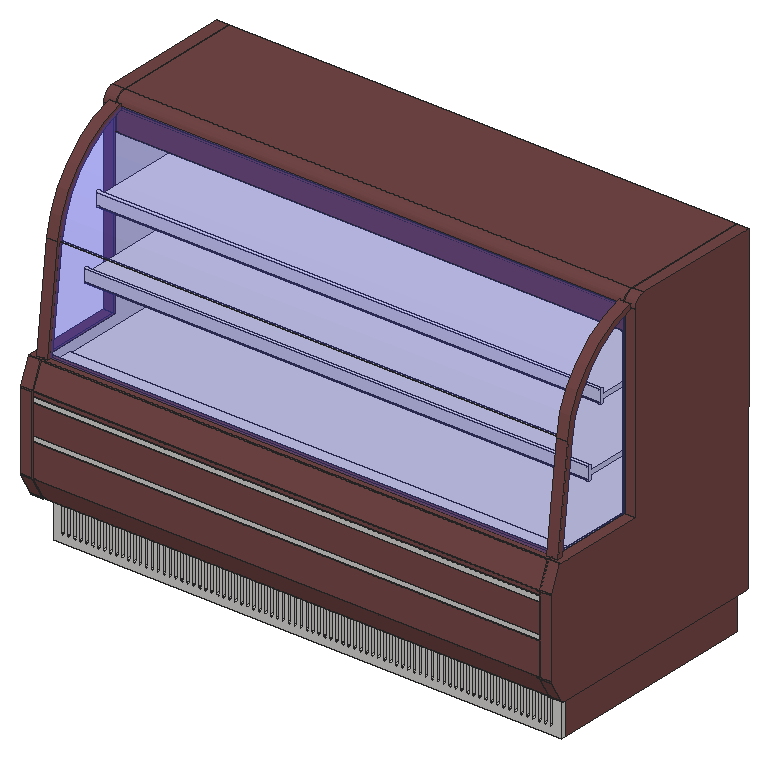
Revit family "QF_Turbo Air_TCGB-72-DR", category Specialty Equipment, Revit 2014
Parameters
  Weight in Pounds = 639
  Watermarked By = ""
  Volts = 115 V
  Vent Material = QF_Stainless-Polished
  URL Cutsheet = ""
  URL = "www.turboairinc.com"
  Status [instance] = ""
  Specification by User [instance] = ""
  Specification by Manufacturer [instance] = ""
  Serial Number [instance] = ""
  Revision Code [instance] = ""
  Phase = 1
  Number of Poles [instance] = 1
  NAFEM Spec ID Number [instance] = ""
  Model = "TCGB-72-DR"
  Masterspec [instance] = ""
  Manufacturer = "Turbo Air"  # constant formula
  Item Number [instance] = "-"
  Installed By [instance] = ""
  Furnished By [instance] = ""
  Foodservice Equipment Identifier = yes
  FL Amps = 0.7 A
  Exterior Material = QF_Plastic-Red Wine
  Electrical Remarks [instance] = ""
  Electric Connection Type [instance] = ""
  Elec Conn RI Height [instance] = 0' - 0"
  Elec Conn Connection Height = 0' - 6"
  Description = "Bakery Case"
  Cycle = 60 Hz
  Conn Plug = "NEMA 5-15P"
  CSI MasterFormat = "11 41 13"
  Assembly Code = "E1090320"
  Apparent Power = if(Phase = 3, Volts * FL Amps * 1.73, Volts * FL Amps)  # 80.5 VA
Reference planes (in)
  plane 1 "Handle Back": y = 0
  plane 2: z = 0
  plane 3 "LEFT": x = -16.56573
  plane 4 "RIGHT": x = 55.93427
  plane 5 "FRONT": y = -34.25
  plane 6 "Bottom": z = 0.3125
  plane 7 "Inside Left": x = -14.94073
  plane 8 "Inside Right": x = 54.30927
  plane 9 "BACK": y = -0.75
  plane 10 "Panel Lower": z = 23.25
  plane 11 "Inside Bottom": z = 21.125
  plane 12 "Panel Bottom": z = 6.0625
  plane 13 "TOP": z = 50.125
  plane 14 "Bottom Front": y = -30
  plane 15 "Door Left": x = -13.62823
  plane 16 "Door Right": x = 52.99677
  plane 17 "Lower Shelf": z = 30.6875
  plane 18 "Upper Shelf": z = 39.1875
  plane 19 "Door Top": z = 46.5625
  plane 20 "Door Bottom": z = 22.3125
  plane 21 "CENTER LR": x = 19.68427
Forms (in)
  Extrusion 1, solid, material "QF_Plastic-Red Wine" <- "Exterior Material"
    sketch origin (-16.56573, 0, 0) x (0, 1, 0) y (0, 0, 1)
      loop
        arc (-1.125, 6.0625) -> (-0.85983, 6.17233) -> (-0.75, 6.4375) r 0.375
        line (-0.75, 6.4375) -> (-0.75, 50.125) -> (-18.5, 50.125)
        arc (-18.5, 50.125) -> (-19.56066, 49.68566) -> (-20, 48.625) r 1.5
        line (-20, 48.625) -> (-20, 23.25) -> (-32.77179, 23.25)
        arc (-32.77179, 23.25) -> (-32.8059, 23.23987) -> (-32.82896, 23.21277) r 0.0625
        line (-32.82896, 23.21277) -> (-34.21799, 20.07001)
        arc (-34.21799, 20.07001) -> (-34.24191, 19.99589) -> (-34.25, 19.91842) r 0.375
        line (-34.25, 19.91842) -> (-34.25, 9.41058)
        arc (-34.25, 9.41058) -> (-34.23722, 9.31352) -> (-34.19976, 9.22308) r 0.375
        line (-34.19976, 9.22308) -> (-32.48325, 6.25)
        arc (-32.48325, 6.25) -> (-32.34599, 6.11274) -> (-32.15849, 6.0625) r 0.375
        line (-32.15849, 6.0625) -> (-1.125, 6.0625)
    from 0 to 1.625
  Extrusion 2, solid, material "QF_Plastic-Red Wine" <- "Exterior Material"
    sketch origin (55.93427, 0, 0) x (0, 1, 0) y (0, 0, 1)
      loop
        arc (-1.125, 6.0625) -> (-0.85983, 6.17233) -> (-0.75, 6.4375) r 0.375
        line (-0.75, 6.4375) -> (-0.75, 50.125) -> (-18.5, 50.125)
        arc (-18.5, 50.125) -> (-19.56066, 49.68566) -> (-20, 48.625) r 1.5
        line (-20, 48.625) -> (-20, 23.25) -> (-32.77179, 23.25)
        arc (-32.77179, 23.25) -> (-32.8059, 23.23987) -> (-32.82896, 23.21277) r 0.0625
        line (-32.82896, 23.21277) -> (-34.21799, 20.07001)
        arc (-34.21799, 20.07001) -> (-34.24191, 19.99589) -> (-34.25, 19.91842) r 0.375
        line (-34.25, 19.91842) -> (-34.25, 9.41058)
        arc (-34.25, 9.41058) -> (-34.23722, 9.31352) -> (-34.19976, 9.22308) r 0.375
        line (-34.19976, 9.22308) -> (-32.48325, 6.25)
        arc (-32.48325, 6.25) -> (-32.34599, 6.11274) -> (-32.15849, 6.0625) r 0.375
        line (-32.15849, 6.0625) -> (-1.125, 6.0625)
    from 0 to -1.625
  Extrusion 3, solid, material "QF_Plastic-Red Wine" <- "Exterior Material"
    sketch origin (-14.94073, 0, 0) x (0, 1, 0) y (0, 0, 1)
      loop
        line (-31.625, 23.25) -> (-29.95691, 36.83548)
        arc (-29.95691, 36.83548) -> (-26.72363, 44.11107) -> (-20, 48.375) r 13.75
        line (-20, 48.375) -> (-20, 48.625)
        arc (-20, 48.625) -> (-19.97988, 48.86988) -> (-19.92004, 49.10819) r 1.5
        arc (-19.92004, 49.10819) -> (-27.15455, 44.66306) -> (-30.63919, 36.92003) r 14.4375
        line (-30.63919, 36.92003) -> (-32.31766, 23.25) -> (-31.625, 23.25)
    from -0.875 to 0.625
  Extrusion 4, solid, material "QF_Plastic-Red Wine" <- "Exterior Material"
    sketch origin (54.30927, 0, 0) x (0, 1, 0) y (0, 0, 1)
      loop
        line (-31.625, 23.25) -> (-29.95691, 36.83548)
        arc (-29.95691, 36.83548) -> (-26.72363, 44.11107) -> (-20, 48.375) r 13.75
        line (-20, 48.375) -> (-20, 48.625)
        arc (-20, 48.625) -> (-19.97988, 48.86988) -> (-19.92004, 49.10819) r 1.5
        arc (-19.92004, 49.10819) -> (-27.15455, 44.66306) -> (-30.63919, 36.92003) r 14.4375
        line (-30.63919, 36.92003) -> (-32.31766, 23.25) -> (-31.625, 23.25)
    from 0.875 to -0.625
  Extrusion 5, solid, material "QF_Glass-Cast-Clear"
    sketch origin (-14.94073, 0, 0) x (0, 1, 0) y (0, 0, 1)
      loop
        arc (-20, 48.375) -> (-26.72363, 44.11107) -> (-29.95691, 36.83548) r 13.75
        line (-29.95691, 36.83548) -> (-31.625, 23.25) -> (-20, 23.25) -> (-20, 48.375)
    from 0 to -0.25
  Extrusion 6, solid, material "QF_Glass-Cast-Clear"
    sketch origin (54.30927, 0, 0) x (0, 1, 0) y (0, 0, 1)
      loop
        arc (-20, 48.375) -> (-26.72363, 44.11107) -> (-29.95691, 36.83548) r 13.75
        line (-29.95691, 36.83548) -> (-31.625, 23.25) -> (-20, 23.25) -> (-20, 48.375)
    from 0 to 0.25
  Extrusion 7, solid, material "QF_Plastic-Red Wine" <- "Exterior Material"
    sketch origin (-14.94073, 0, 0) x (0, 1, 0) y (0, 0, 1)
      loop
        line (-0.75, 50.125) -> (-18.5, 50.125)
        arc (-18.5, 50.125) -> (-19.56066, 49.68566) -> (-20, 48.625) r 1.5
        line (-20, 48.625) -> (-20, 45.5)
        arc (-20, 45.5) -> (-19.9375, 45.4375) -> (-19.875, 45.5) r 0.0625
        line (-19.875, 45.5) -> (-19.875, 48.625)
        arc (-19.875, 48.625) -> (-19.81819, 49.01616) -> (-19.65244, 49.375) r 1.375
        line (-19.65244, 49.375) -> (-3.125, 49.375) -> (-3.125, 46.5625) -> (-0.75, 46.5625) -> (-0.75, 50.125)
      loop
        line (-0.75, 14.3125) -> (-0.75, 22.3125) -> (-3.125, 22.3125) -> (-3.125, 14.3125) -> (-0.75, 14.3125)
    from 0 to 69.25
  Extrusion 8, solid, material "QF_Plastic-Red Wine" <- "Exterior Material"
    sketch origin (0, 0, 0.3125) x (0, 1, 0) y (-1, 0, 0)
      loop
        line (-0.75, 14.94073) -> (-30, 14.94073) -> (-30, -54.30927) -> (-0.75, -54.30927) -> (-0.75, 14.94073)
      loop
        line (-29.75, 14.69073) -> (-29.75, -54.05927) -> (-1, -54.05927) -> (-1, 14.69073) -> (-29.75, 14.69073)
    from 0 to 14
  Extrusion 9, solid, material "QF_Plastic-Red Wine" <- "Exterior Material"
    sketch origin (0, 0, 0.3125) x (0, 1, 0) y (-1, 0, 0)
      loop
        line (-29.75, -54.05927) -> (-1, -54.05927) -> (-1, 14.69073) -> (-29.75, 14.69073) -> (-29.75, -54.05927)
    from 0 to 0.25
  Extrusion 10, solid, material "QF_Stainless-Polished" <- "Vent Material"
    sketch origin (0, -30, 0) x (1, 0, 0) y (0, 0, 1)
      loop
        line (-14.94073, 6.1875) -> (-14.94073, 0.3125) -> (54.30927, 0.3125) -> (54.30927, 6.1875) -> (-14.94073, 6.1875)
    from 0 to 0.5625
  Extrusion 11, void
    sketch origin (0, -30, 0) x (1, 0, 0) y (0, 0, 1)
      loop
        arc (19.49677, 1.5625) -> (19.68427, 1.375) -> (19.87177, 1.5625) r 0.1875
        line (19.87177, 1.5625) -> (19.87177, 5.125)
        arc (19.87177, 5.125) -> (19.68427, 5.3125) -> (19.49677, 5.125) r 0.1875
        line (19.49677, 5.125) -> (19.49677, 1.5625)
      loop
        line (34.49677, 1.5625) -> (34.49677, 5.125)
        arc (34.49677, 5.125) -> (34.30927, 5.3125) -> (34.12177, 5.125) r 0.1875
        line (34.12177, 5.125) -> (34.12177, 1.5625)
        arc (34.12177, 1.5625) -> (34.30927, 1.375) -> (34.49677, 1.5625) r 0.1875
      loop
        line (33.68427, 1.5625) -> (33.68427, 5.125)
        arc (33.68427, 5.125) -> (33.49677, 5.3125) -> (33.30927, 5.125) r 0.1875
        line (33.30927, 5.125) -> (33.30927, 1.5625)
        arc (33.30927, 1.5625) -> (33.49677, 1.375) -> (33.68427, 1.5625) r 0.1875
      loop
        line (32.87177, 1.5625) -> (32.87177, 5.125)
        arc (32.87177, 5.125) -> (32.68427, 5.3125) -> (32.49677, 5.125) r 0.1875
        line (32.49677, 5.125) -> (32.49677, 1.5625)
        arc (32.49677, 1.5625) -> (32.68427, 1.375) -> (32.87177, 1.5625) r 0.1875
      loop
        line (32.05927, 1.5625) -> (32.05927, 5.125)
        arc (32.05927, 5.125) -> (31.87177, 5.3125) -> (31.68427, 5.125) r 0.1875
        line (31.68427, 5.125) -> (31.68427, 1.5625)
        arc (31.68427, 1.5625) -> (31.87177, 1.375) -> (32.05927, 1.5625) r 0.1875
      loop
        line (31.24677, 1.5625) -> (31.24677, 5.125)
        arc (31.24677, 5.125) -> (31.05927, 5.3125) -> (30.87177, 5.125) r 0.1875
        line (30.87177, 5.125) -> (30.87177, 1.5625)
        arc (30.87177, 1.5625) -> (31.05927, 1.375) -> (31.24677, 1.5625) r 0.1875
      loop
        line (30.43427, 1.5625) -> (30.43427, 5.125)
        arc (30.43427, 5.125) -> (30.24677, 5.3125) -> (30.05927, 5.125) r 0.1875
        line (30.05927, 5.125) -> (30.05927, 1.5625)
        arc (30.05927, 1.5625) -> (30.24677, 1.375) -> (30.43427, 1.5625) r 0.1875
      loop
        line (29.62177, 1.5625) -> (29.62177, 5.125)
        arc (29.62177, 5.125) -> (29.43427, 5.3125) -> (29.24677, 5.125) r 0.1875
        line (29.24677, 5.125) -> (29.24677, 1.5625)
        arc (29.24677, 1.5625) -> (29.43427, 1.375) -> (29.62177, 1.5625) r 0.1875
      loop
        line (28.80927, 1.5625) -> (28.80927, 5.125)
        arc (28.80927, 5.125) -> (28.62177, 5.3125) -> (28.43427, 5.125) r 0.1875
        line (28.43427, 5.125) -> (28.43427, 1.5625)
        arc (28.43427, 1.5625) -> (28.62177, 1.375) -> (28.80927, 1.5625) r 0.1875
      loop
        line (27.99677, 1.5625) -> (27.99677, 5.125)
        arc (27.99677, 5.125) -> (27.80927, 5.3125) -> (27.62177, 5.125) r 0.1875
        line (27.62177, 5.125) -> (27.62177, 1.5625)
        arc (27.62177, 1.5625) -> (27.80927, 1.375) -> (27.99677, 1.5625) r 0.1875
      loop
        line (27.18427, 1.5625) -> (27.18427, 5.125)
        arc (27.18427, 5.125) -> (26.99677, 5.3125) -> (26.80927, 5.125) r 0.1875
        line (26.80927, 5.125) -> (26.80927, 1.5625)
        arc (26.80927, 1.5625) -> (26.99677, 1.375) -> (27.18427, 1.5625) r 0.1875
      loop
        line (26.37177, 1.5625) -> (26.37177, 5.125)
        arc (26.37177, 5.125) -> (26.18427, 5.3125) -> (25.99677, 5.125) r 0.1875
        line (25.99677, 5.125) -> (25.99677, 1.5625)
        arc (25.99677, 1.5625) -> (26.18427, 1.375) -> (26.37177, 1.5625) r 0.1875
      loop
        line (25.55927, 1.5625) -> (25.55927, 5.125)
        arc (25.55927, 5.125) -> (25.37177, 5.3125) -> (25.18427, 5.125) r 0.1875
        line (25.18427, 5.125) -> (25.18427, 1.5625)
        arc (25.18427, 1.5625) -> (25.37177, 1.375) -> (25.55927, 1.5625) r 0.1875
      loop
        line (24.74677, 1.5625) -> (24.74677, 5.125)
        arc (24.74677, 5.125) -> (24.55927, 5.3125) -> (24.37177, 5.125) r 0.1875
        line (24.37177, 5.125) -> (24.37177, 1.5625)
        arc (24.37177, 1.5625) -> (24.55927, 1.375) -> (24.74677, 1.5625) r 0.1875
      loop
        line (23.93427, 1.5625) -> (23.93427, 5.125)
        arc (23.93427, 5.125) -> (23.74677, 5.3125) -> (23.55927, 5.125) r 0.1875
        line (23.55927, 5.125) -> (23.55927, 1.5625)
        arc (23.55927, 1.5625) -> (23.74677, 1.375) -> (23.93427, 1.5625) r 0.1875
      loop
        line (23.12177, 1.5625) -> (23.12177, 5.125)
        arc (23.12177, 5.125) -> (22.93427, 5.3125) -> (22.74677, 5.125) r 0.1875
        line (22.74677, 5.125) -> (22.74677, 1.5625)
        arc (22.74677, 1.5625) -> (22.93427, 1.375) -> (23.12177, 1.5625) r 0.1875
      loop
        line (22.30927, 1.5625) -> (22.30927, 5.125)
        arc (22.30927, 5.125) -> (22.12177, 5.3125) -> (21.93427, 5.125) r 0.1875
        line (21.93427, 5.125) -> (21.93427, 1.5625)
        arc (21.93427, 1.5625) -> (22.12177, 1.375) -> (22.30927, 1.5625) r 0.1875
      loop
        line (21.49677, 1.5625) -> (21.49677, 5.125)
        arc (21.49677, 5.125) -> (21.30927, 5.3125) -> (21.12177, 5.125) r 0.1875
        line (21.12177, 5.125) -> (21.12177, 1.5625)
        arc (21.12177, 1.5625) -> (21.30927, 1.375) -> (21.49677, 1.5625) r 0.1875
      loop
        line (20.68427, 1.5625) -> (20.68427, 5.125)
        arc (20.68427, 5.125) -> (20.49677, 5.3125) -> (20.30927, 5.125) r 0.1875
        line (20.30927, 5.125) -> (20.30927, 1.5625)
        arc (20.30927, 1.5625) -> (20.49677, 1.375) -> (20.68427, 1.5625) r 0.1875
      loop
        line (40.18427, 1.5625) -> (40.18427, 5.125)
        arc (40.18427, 5.125) -> (39.99677, 5.3125) -> (39.80927, 5.125) r 0.1875
        line (39.80927, 5.125) -> (39.80927, 1.5625)
        arc (39.80927, 1.5625) -> (39.99677, 1.375) -> (40.18427, 1.5625) r 0.1875
      loop
        line (39.37177, 1.5625) -> (39.37177, 5.125)
        arc (39.37177, 5.125) -> (39.18427, 5.3125) -> (38.99677, 5.125) r 0.1875
        line (38.99677, 5.125) -> (38.99677, 1.5625)
        arc (38.99677, 1.5625) -> (39.18427, 1.375) -> (39.37177, 1.5625) r 0.1875
      loop
        line (38.55927, 1.5625) -> (38.55927, 5.125)
        arc (38.55927, 5.125) -> (38.37177, 5.3125) -> (38.18427, 5.125) r 0.1875
        line (38.18427, 5.125) -> (38.18427, 1.5625)
        arc (38.18427, 1.5625) -> (38.37177, 1.375) -> (38.55927, 1.5625) r 0.1875
      loop
        line (37.74677, 1.5625) -> (37.74677, 5.125)
        arc (37.74677, 5.125) -> (37.55927, 5.3125) -> (37.37177, 5.125) r 0.1875
        line (37.37177, 5.125) -> (37.37177, 1.5625)
        arc (37.37177, 1.5625) -> (37.55927, 1.375) -> (37.74677, 1.5625) r 0.1875
      loop
        line (36.93427, 1.5625) -> (36.93427, 5.125)
        arc (36.93427, 5.125) -> (36.74677, 5.3125) -> (36.55927, 5.125) r 0.1875
        line (36.55927, 5.125) -> (36.55927, 1.5625)
        arc (36.55927, 1.5625) -> (36.74677, 1.375) -> (36.93427, 1.5625) r 0.1875
      loop
        line (36.12177, 1.5625) -> (36.12177, 5.125)
        arc (36.12177, 5.125) -> (35.93427, 5.3125) -> (35.74677, 5.125) r 0.1875
        line (35.74677, 5.125) -> (35.74677, 1.5625)
        arc (35.74677, 1.5625) -> (35.93427, 1.375) -> (36.12177, 1.5625) r 0.1875
      loop
        line (35.30927, 1.5625) -> (35.30927, 5.125)
        arc (35.30927, 5.125) -> (35.12177, 5.3125) -> (34.93427, 5.125) r 0.1875
        line (34.93427, 5.125) -> (34.93427, 1.5625)
        arc (34.93427, 1.5625) -> (35.12177, 1.375) -> (35.30927, 1.5625) r 0.1875
      loop
        line (41.80927, 1.5625) -> (41.80927, 5.125)
        arc (41.80927, 5.125) -> (41.62177, 5.3125) -> (41.43427, 5.125) r 0.1875
        line (41.43427, 5.125) -> (41.43427, 1.5625)
        arc (41.43427, 1.5625) -> (41.62177, 1.375) -> (41.80927, 1.5625) r 0.1875
      loop
        line (40.99677, 1.5625) -> (40.99677, 5.125)
        arc (40.99677, 5.125) -> (40.80927, 5.3125) -> (40.62177, 5.125) r 0.1875
        line (40.62177, 5.125) -> (40.62177, 1.5625)
        arc (40.62177, 1.5625) -> (40.80927, 1.375) -> (40.99677, 1.5625) r 0.1875
      loop
        line (46.68427, 1.5625) -> (46.68427, 5.125)
        arc (46.68427, 5.125) -> (46.49677, 5.3125) -> (46.30927, 5.125) r 0.1875
        line (46.30927, 5.125) -> (46.30927, 1.5625)
        arc (46.30927, 1.5625) -> (46.49677, 1.375) -> (46.68427, 1.5625) r 0.1875
      loop
        line (45.87177, 1.5625) -> (45.87177, 5.125)
        arc (45.87177, 5.125) -> (45.68427, 5.3125) -> (45.49677, 5.125) r 0.1875
        line (45.49677, 5.125) -> (45.49677, 1.5625)
        arc (45.49677, 1.5625) -> (45.68427, 1.375) -> (45.87177, 1.5625) r 0.1875
      loop
        line (45.05927, 1.5625) -> (45.05927, 5.125)
        arc (45.05927, 5.125) -> (44.87177, 5.3125) -> (44.68427, 5.125) r 0.1875
        line (44.68427, 5.125) -> (44.68427, 1.5625)
        arc (44.68427, 1.5625) -> (44.87177, 1.375) -> (45.05927, 1.5625) r 0.1875
      loop
        line (44.24677, 1.5625) -> (44.24677, 5.125)
        arc (44.24677, 5.125) -> (44.05927, 5.3125) -> (43.87177, 5.125) r 0.1875
        line (43.87177, 5.125) -> (43.87177, 1.5625)
        arc (43.87177, 1.5625) -> (44.05927, 1.375) -> (44.24677, 1.5625) r 0.1875
      loop
        line (43.43427, 1.5625) -> (43.43427, 5.125)
        arc (43.43427, 5.125) -> (43.24677, 5.3125) -> (43.05927, 5.125) r 0.1875
        line (43.05927, 5.125) -> (43.05927, 1.5625)
        arc (43.05927, 1.5625) -> (43.24677, 1.375) -> (43.43427, 1.5625) r 0.1875
      loop
        line (42.62177, 1.5625) -> (42.62177, 5.125)
        arc (42.62177, 5.125) -> (42.43427, 5.3125) -> (42.24677, 5.125) r 0.1875
        line (42.24677, 5.125) -> (42.24677, 1.5625)
        arc (42.24677, 1.5625) -> (42.43427, 1.375) -> (42.62177, 1.5625) r 0.1875
      loop
        line (47.49677, 1.5625) -> (47.49677, 5.125)
        arc (47.49677, 5.125) -> (47.30927, 5.3125) -> (47.12177, 5.125) r 0.1875
        line (47.12177, 5.125) -> (47.12177, 1.5625)
        arc (47.12177, 1.5625) -> (47.30927, 1.375) -> (47.49677, 1.5625) r 0.1875
      loop
        line (49.12177, 1.5625) -> (49.12177, 5.125)
        arc (49.12177, 5.125) -> (48.93427, 5.3125) -> (48.74677, 5.125) r 0.1875
        line (48.74677, 5.125) -> (48.74677, 1.5625)
        arc (48.74677, 1.5625) -> (48.93427, 1.375) -> (49.12177, 1.5625) r 0.1875
      loop
        line (48.30927, 1.5625) -> (48.30927, 5.125)
        arc (48.30927, 5.125) -> (48.12177, 5.3125) -> (47.93427, 5.125) r 0.1875
        line (47.93427, 5.125) -> (47.93427, 1.5625)
        arc (47.93427, 1.5625) -> (48.12177, 1.375) -> (48.30927, 1.5625) r 0.1875
      loop
        line (53.18427, 1.5625) -> (53.18427, 5.125)
        arc (53.18427, 5.125) -> (52.99677, 5.3125) -> (52.80927, 5.125) r 0.1875
        line (52.80927, 5.125) -> (52.80927, 1.5625)
        arc (52.80927, 1.5625) -> (52.99677, 1.375) -> (53.18427, 1.5625) r 0.1875
      loop
        line (52.37177, 1.5625) -> (52.37177, 5.125)
        arc (52.37177, 5.125) -> (52.18427, 5.3125) -> (51.99677, 5.125) r 0.1875
        line (51.99677, 5.125) -> (51.99677, 1.5625)
        arc (51.99677, 1.5625) -> (52.18427, 1.375) -> (52.37177, 1.5625) r 0.1875
      loop
        line (51.55927, 1.5625) -> (51.55927, 5.125)
        arc (51.55927, 5.125) -> (51.37177, 5.3125) -> (51.18427, 5.125) r 0.1875
        line (51.18427, 5.125) -> (51.18427, 1.5625)
        arc (51.18427, 1.5625) -> (51.37177, 1.375) -> (51.55927, 1.5625) r 0.1875
      loop
        line (50.74677, 1.5625) -> (50.74677, 5.125)
        arc (50.74677, 5.125) -> (50.55927, 5.3125) -> (50.37177, 5.125) r 0.1875
        line (50.37177, 5.125) -> (50.37177, 1.5625)
        arc (50.37177, 1.5625) -> (50.55927, 1.375) -> (50.74677, 1.5625) r 0.1875
      loop
        line (49.93427, 1.5625) -> (49.93427, 5.125)
        arc (49.93427, 5.125) -> (49.74677, 5.3125) -> (49.55927, 5.125) r 0.1875
        line (49.55927, 5.125) -> (49.55927, 1.5625)
        arc (49.55927, 1.5625) -> (49.74677, 1.375) -> (49.93427, 1.5625) r 0.1875
      loop
        arc (4.87177, 1.5625) -> (5.05927, 1.375) -> (5.24677, 1.5625) r 0.1875
        line (5.24677, 1.5625) -> (5.24677, 5.125)
        arc (5.24677, 5.125) -> (5.05927, 5.3125) -> (4.87177, 5.125) r 0.1875
        line (4.87177, 5.125) -> (4.87177, 1.5625)
      loop
        arc (5.68427, 1.5625) -> (5.87177, 1.375) -> (6.05927, 1.5625) r 0.1875
        line (6.05927, 1.5625) -> (6.05927, 5.125)
        arc (6.05927, 5.125) -> (5.87177, 5.3125) -> (5.68427, 5.125) r 0.1875
        line (5.68427, 5.125) -> (5.68427, 1.5625)
      loop
        arc (6.49677, 1.5625) -> (6.68427, 1.375) -> (6.87177, 1.5625) r 0.1875
        line (6.87177, 1.5625) -> (6.87177, 5.125)
        arc (6.87177, 5.125) -> (6.68427, 5.3125) -> (6.49677, 5.125) r 0.1875
        line (6.49677, 5.125) -> (6.49677, 1.5625)
      loop
        arc (7.30927, 1.5625) -> (7.49677, 1.375) -> (7.68427, 1.5625) r 0.1875
        line (7.68427, 1.5625) -> (7.68427, 5.125)
        arc (7.68427, 5.125) -> (7.49677, 5.3125) -> (7.30927, 5.125) r 0.1875
        line (7.30927, 5.125) -> (7.30927, 1.5625)
      loop
        arc (8.12177, 1.5625) -> (8.30927, 1.375) -> (8.49677, 1.5625) r 0.1875
        line (8.49677, 1.5625) -> (8.49677, 5.125)
        arc (8.49677, 5.125) -> (8.30927, 5.3125) -> (8.12177, 5.125) r 0.1875
        line (8.12177, 5.125) -> (8.12177, 1.5625)
      loop
        arc (8.93427, 1.5625) -> (9.12177, 1.375) -> (9.30927, 1.5625) r 0.1875
        line (9.30927, 1.5625) -> (9.30927, 5.125)
        arc (9.30927, 5.125) -> (9.12177, 5.3125) -> (8.93427, 5.125) r 0.1875
        line (8.93427, 5.125) -> (8.93427, 1.5625)
      loop
        arc (9.74677, 1.5625) -> (9.93427, 1.375) -> (10.12177, 1.5625) r 0.1875
        line (10.12177, 1.5625) -> (10.12177, 5.125)
        arc (10.12177, 5.125) -> (9.93427, 5.3125) -> (9.74677, 5.125) r 0.1875
        line (9.74677, 5.125) -> (9.74677, 1.5625)
      loop
        arc (10.55927, 1.5625) -> (10.74677, 1.375) -> (10.93427, 1.5625) r 0.1875
        line (10.93427, 1.5625) -> (10.93427, 5.125)
        arc (10.93427, 5.125) -> (10.74677, 5.3125) -> (10.55927, 5.125) r 0.1875
        line (10.55927, 5.125) -> (10.55927, 1.5625)
      loop
        arc (11.37177, 1.5625) -> (11.55927, 1.375) -> (11.74677, 1.5625) r 0.1875
        line (11.74677, 1.5625) -> (11.74677, 5.125)
        arc (11.74677, 5.125) -> (11.55927, 5.3125) -> (11.37177, 5.125) r 0.1875
        line (11.37177, 5.125) -> (11.37177, 1.5625)
      loop
        arc (12.18427, 1.5625) -> (12.37177, 1.375) -> (12.55927, 1.5625) r 0.1875
        line (12.55927, 1.5625) -> (12.55927, 5.125)
        arc (12.55927, 5.125) -> (12.37177, 5.3125) -> (12.18427, 5.125) r 0.1875
        line (12.18427, 5.125) -> (12.18427, 1.5625)
      loop
        arc (12.99677, 1.5625) -> (13.18427, 1.375) -> (13.37177, 1.5625) r 0.1875
        line (13.37177, 1.5625) -> (13.37177, 5.125)
        arc (13.37177, 5.125) -> (13.18427, 5.3125) -> (12.99677, 5.125) r 0.1875
        line (12.99677, 5.125) -> (12.99677, 1.5625)
      loop
        arc (13.80927, 1.5625) -> (13.99677, 1.375) -> (14.18427, 1.5625) r 0.1875
        line (14.18427, 1.5625) -> (14.18427, 5.125)
        arc (14.18427, 5.125) -> (13.99677, 5.3125) -> (13.80927, 5.125) r 0.1875
        line (13.80927, 5.125) -> (13.80927, 1.5625)
      loop
        arc (14.62177, 1.5625) -> (14.80927, 1.375) -> (14.99677, 1.5625) r 0.1875
        line (14.99677, 1.5625) -> (14.99677, 5.125)
        arc (14.99677, 5.125) -> (14.80927, 5.3125) -> (14.62177, 5.125) r 0.1875
        line (14.62177, 5.125) -> (14.62177, 1.5625)
      loop
        arc (15.43427, 1.5625) -> (15.62177, 1.375) -> (15.80927, 1.5625) r 0.1875
        line (15.80927, 1.5625) -> (15.80927, 5.125)
        arc (15.80927, 5.125) -> (15.62177, 5.3125) -> (15.43427, 5.125) r 0.1875
        line (15.43427, 5.125) -> (15.43427, 1.5625)
      loop
        arc (16.24677, 1.5625) -> (16.43427, 1.375) -> (16.62177, 1.5625) r 0.1875
        line (16.62177, 1.5625) -> (16.62177, 5.125)
        arc (16.62177, 5.125) -> (16.43427, 5.3125) -> (16.24677, 5.125) r 0.1875
        line (16.24677, 5.125) -> (16.24677, 1.5625)
      loop
        arc (17.05927, 1.5625) -> (17.24677, 1.375) -> (17.43427, 1.5625) r 0.1875
        line (17.43427, 1.5625) -> (17.43427, 5.125)
        arc (17.43427, 5.125) -> (17.24677, 5.3125) -> (17.05927, 5.125) r 0.1875
        line (17.05927, 5.125) -> (17.05927, 1.5625)
      loop
        arc (17.87177, 1.5625) -> (18.05927, 1.375) -> (18.24677, 1.5625) r 0.1875
        line (18.24677, 1.5625) -> (18.24677, 5.125)
        arc (18.24677, 5.125) -> (18.05927, 5.3125) -> (17.87177, 5.125) r 0.1875
        line (17.87177, 5.125) -> (17.87177, 1.5625)
      loop
        arc (18.68427, 1.5625) -> (18.87177, 1.375) -> (19.05927, 1.5625) r 0.1875
        line (19.05927, 1.5625) -> (19.05927, 5.125)
        arc (19.05927, 5.125) -> (18.87177, 5.3125) -> (18.68427, 5.125) r 0.1875
        line (18.68427, 5.125) -> (18.68427, 1.5625)
      loop
        arc (-0.81573, 1.5625) -> (-0.62823, 1.375) -> (-0.44073, 1.5625) r 0.1875
        line (-0.44073, 1.5625) -> (-0.44073, 5.125)
        arc (-0.44073, 5.125) -> (-0.62823, 5.3125) -> (-0.81573, 5.125) r 0.1875
        line (-0.81573, 5.125) -> (-0.81573, 1.5625)
      loop
        arc (-0.00323, 1.5625) -> (0.18427, 1.375) -> (0.37177, 1.5625) r 0.1875
        line (0.37177, 1.5625) -> (0.37177, 5.125)
        arc (0.37177, 5.125) -> (0.18427, 5.3125) -> (-0.00323, 5.125) r 0.1875
        line (-0.00323, 5.125) -> (-0.00323, 1.5625)
      loop
        arc (0.80927, 1.5625) -> (0.99677, 1.375) -> (1.18427, 1.5625) r 0.1875
        line (1.18427, 1.5625) -> (1.18427, 5.125)
        arc (1.18427, 5.125) -> (0.99677, 5.3125) -> (0.80927, 5.125) r 0.1875
        line (0.80927, 5.125) -> (0.80927, 1.5625)
      loop
        arc (1.62177, 1.5625) -> (1.80927, 1.375) -> (1.99677, 1.5625) r 0.1875
        line (1.99677, 1.5625) -> (1.99677, 5.125)
        arc (1.99677, 5.125) -> (1.80927, 5.3125) -> (1.62177, 5.125) r 0.1875
        line (1.62177, 5.125) -> (1.62177, 1.5625)
      loop
        arc (2.43427, 1.5625) -> (2.62177, 1.375) -> (2.80927, 1.5625) r 0.1875
        line (2.80927, 1.5625) -> (2.80927, 5.125)
        arc (2.80927, 5.125) -> (2.62177, 5.3125) -> (2.43427, 5.125) r 0.1875
        line (2.43427, 5.125) -> (2.43427, 1.5625)
      loop
        arc (3.24677, 1.5625) -> (3.43427, 1.375) -> (3.62177, 1.5625) r 0.1875
        line (3.62177, 1.5625) -> (3.62177, 5.125)
        arc (3.62177, 5.125) -> (3.43427, 5.3125) -> (3.24677, 5.125) r 0.1875
        line (3.24677, 5.125) -> (3.24677, 1.5625)
      loop
        arc (4.05927, 1.5625) -> (4.24677, 1.375) -> (4.43427, 1.5625) r 0.1875
        line (4.43427, 1.5625) -> (4.43427, 5.125)
        arc (4.43427, 5.125) -> (4.24677, 5.3125) -> (4.05927, 5.125) r 0.1875
        line (4.05927, 5.125) -> (4.05927, 1.5625)
      loop
        arc (-2.44073, 1.5625) -> (-2.25323, 1.375) -> (-2.06573, 1.5625) r 0.1875
        line (-2.06573, 1.5625) -> (-2.06573, 5.125)
        arc (-2.06573, 5.125) -> (-2.25323, 5.3125) -> (-2.44073, 5.125) r 0.1875
        line (-2.44073, 5.125) -> (-2.44073, 1.5625)
      loop
        arc (-1.62823, 1.5625) -> (-1.44073, 1.375) -> (-1.25323, 1.5625) r 0.1875
        line (-1.25323, 1.5625) -> (-1.25323, 5.125)
        arc (-1.25323, 5.125) -> (-1.44073, 5.3125) -> (-1.62823, 5.125) r 0.1875
        line (-1.62823, 5.125) -> (-1.62823, 1.5625)
      loop
        arc (-7.31573, 1.5625) -> (-7.12823, 1.375) -> (-6.94073, 1.5625) r 0.1875
        line (-6.94073, 1.5625) -> (-6.94073, 5.125)
        arc (-6.94073, 5.125) -> (-7.12823, 5.3125) -> (-7.31573, 5.125) r 0.1875
        line (-7.31573, 5.125) -> (-7.31573, 1.5625)
      loop
        arc (-6.50323, 1.5625) -> (-6.31573, 1.375) -> (-6.12823, 1.5625) r 0.1875
        line (-6.12823, 1.5625) -> (-6.12823, 5.125)
        arc (-6.12823, 5.125) -> (-6.31573, 5.3125) -> (-6.50323, 5.125) r 0.1875
        line (-6.50323, 5.125) -> (-6.50323, 1.5625)
      loop
        arc (-5.69073, 1.5625) -> (-5.50323, 1.375) -> (-5.31573, 1.5625) r 0.1875
        line (-5.31573, 1.5625) -> (-5.31573, 5.125)
        arc (-5.31573, 5.125) -> (-5.50323, 5.3125) -> (-5.69073, 5.125) r 0.1875
        line (-5.69073, 5.125) -> (-5.69073, 1.5625)
      loop
        arc (-4.87823, 1.5625) -> (-4.69073, 1.375) -> (-4.50323, 1.5625) r 0.1875
        line (-4.50323, 1.5625) -> (-4.50323, 5.125)
        arc (-4.50323, 5.125) -> (-4.69073, 5.3125) -> (-4.87823, 5.125) r 0.1875
        line (-4.87823, 5.125) -> (-4.87823, 1.5625)
      loop
        arc (-4.06573, 1.5625) -> (-3.87823, 1.375) -> (-3.69073, 1.5625) r 0.1875
        line (-3.69073, 1.5625) -> (-3.69073, 5.125)
        arc (-3.69073, 5.125) -> (-3.87823, 5.3125) -> (-4.06573, 5.125) r 0.1875
        line (-4.06573, 5.125) -> (-4.06573, 1.5625)
      loop
        arc (-3.25323, 1.5625) -> (-3.06573, 1.375) -> (-2.87823, 1.5625) r 0.1875
        line (-2.87823, 1.5625) -> (-2.87823, 5.125)
        arc (-2.87823, 5.125) -> (-3.06573, 5.3125) -> (-3.25323, 5.125) r 0.1875
        line (-3.25323, 5.125) -> (-3.25323, 1.5625)
      loop
        arc (-8.12823, 1.5625) -> (-7.94073, 1.375) -> (-7.75323, 1.5625) r 0.1875
        line (-7.75323, 1.5625) -> (-7.75323, 5.125)
        arc (-7.75323, 5.125) -> (-7.94073, 5.3125) -> (-8.12823, 5.125) r 0.1875
        line (-8.12823, 5.125) -> (-8.12823, 1.5625)
      loop
        arc (-9.75323, 1.5625) -> (-9.56573, 1.375) -> (-9.37823, 1.5625) r 0.1875
        line (-9.37823, 1.5625) -> (-9.37823, 5.125)
        arc (-9.37823, 5.125) -> (-9.56573, 5.3125) -> (-9.75323, 5.125) r 0.1875
        line (-9.75323, 5.125) -> (-9.75323, 1.5625)
      loop
        arc (-8.94073, 1.5625) -> (-8.75323, 1.375) -> (-8.56573, 1.5625) r 0.1875
        line (-8.56573, 1.5625) -> (-8.56573, 5.125)
        arc (-8.56573, 5.125) -> (-8.75323, 5.3125) -> (-8.94073, 5.125) r 0.1875
        line (-8.94073, 5.125) -> (-8.94073, 1.5625)
      loop
        arc (-13.81573, 1.5625) -> (-13.62823, 1.375) -> (-13.44073, 1.5625) r 0.1875
        line (-13.44073, 1.5625) -> (-13.44073, 5.125)
        arc (-13.44073, 5.125) -> (-13.62823, 5.3125) -> (-13.81573, 5.125) r 0.1875
        line (-13.81573, 5.125) -> (-13.81573, 1.5625)
      loop
        arc (-13.00323, 1.5625) -> (-12.81573, 1.375) -> (-12.62823, 1.5625) r 0.1875
        line (-12.62823, 1.5625) -> (-12.62823, 5.125)
        arc (-12.62823, 5.125) -> (-12.81573, 5.3125) -> (-13.00323, 5.125) r 0.1875
        line (-13.00323, 5.125) -> (-13.00323, 1.5625)
      loop
        arc (-12.19073, 1.5625) -> (-12.00323, 1.375) -> (-11.81573, 1.5625) r 0.1875
        line (-11.81573, 1.5625) -> (-11.81573, 5.125)
        arc (-11.81573, 5.125) -> (-12.00323, 5.3125) -> (-12.19073, 5.125) r 0.1875
        line (-12.19073, 5.125) -> (-12.19073, 1.5625)
      loop
        arc (-11.37823, 1.5625) -> (-11.19073, 1.375) -> (-11.00323, 1.5625) r 0.1875
        line (-11.00323, 1.5625) -> (-11.00323, 5.125)
        arc (-11.00323, 5.125) -> (-11.19073, 5.3125) -> (-11.37823, 5.125) r 0.1875
        line (-11.37823, 5.125) -> (-11.37823, 1.5625)
      loop
        arc (-10.56573, 1.5625) -> (-10.37823, 1.375) -> (-10.19073, 1.5625) r 0.1875
        line (-10.19073, 1.5625) -> (-10.19073, 5.125)
        arc (-10.19073, 5.125) -> (-10.37823, 5.3125) -> (-10.56573, 5.125) r 0.1875
        line (-10.56573, 5.125) -> (-10.56573, 1.5625)
    from -0.25 to 0.5625
  Extrusion 12, solid, material "QF_Plastic-Red Wine" <- "Exterior Material"
    sketch origin (-14.94073, 0, 0) x (0, 1, 0) y (0, 0, 1)
      loop
        line (-0.75, 46.5625) -> (-3.125, 46.5625) -> (-3.125, 22.3125) -> (-0.75, 22.3125) -> (-0.75, 46.5625)
    from 0 to 1.3125
  Extrusion 13, solid, material "QF_Plastic-Red Wine" <- "Exterior Material"
    sketch origin (54.30927, 0, 0) x (0, 1, 0) y (0, 0, 1)
      loop
        line (-0.75, 46.5625) -> (-3.125, 46.5625) -> (-3.125, 22.3125) -> (-0.75, 22.3125) -> (-0.75, 46.5625)
    from 0 to -1.3125
  Extrusion 14, solid, material "QF_Glass-Cast-Clear"
    sketch origin (-14.94073, 0, 0) x (0, 1, 0) y (0, 0, 1)
      loop
        arc (-30.01894, 36.84316) -> (-26.76529, 44.15845) -> (-20, 48.43986) r 13.8125
        line (-20, 48.43986) -> (-20, 48.625)
        arc (-20, 48.625) -> (-19.99639, 48.72898) -> (-19.98558, 48.83246) r 1.5
        arc (-19.98558, 48.83246) -> (-27.01031, 44.44827) -> (-30.39109, 36.88929) r 14.1875
        line (-30.39109, 36.88929) -> (-32.06579, 23.25) -> (-31.68797, 23.25) -> (-30.01894, 36.84316)
    from 0.625 to 68.625
  Extrusion 15, solid, material "QF_Plastic-Red Wine" <- "Exterior Material"
    sketch origin (-14.94073, 0, 0) x (0, 1, 0) y (0, 0, 1)
      loop
        line (-32.77708, 23.17553) -> (-34.17683, 20.00854)
        arc (-34.17683, 20.00854) -> (-34.1848, 19.98383) -> (-34.1875, 19.95801) r 0.125
        line (-34.1875, 19.95801) -> (-34.1875, 19.4219) -> (-33.8125, 19.4219) -> (-33.8125, 19.90522) -> (-32.49992, 22.875) -> (-31.20917, 22.875) -> (-31.20917, 23.25) -> (-32.66275, 23.25)
        arc (-32.66275, 23.25) -> (-32.73097, 23.22974) -> (-32.77708, 23.17553) r 0.125
      loop
        line (-34.17075, 9.29784) -> (-32.41108, 6.25)
        arc (-32.41108, 6.25) -> (-32.36533, 6.20425) -> (-32.30283, 6.1875) r 0.125
        line (-32.30283, 6.1875) -> (-30, 6.1875) -> (-30, 6.5625) -> (-32.15849, 6.5625) -> (-33.8125, 9.42732) -> (-33.8125, 13.8594) -> (-34.1875, 13.8594) -> (-34.1875, 9.36034)
        arc (-34.1875, 9.36034) -> (-34.18324, 9.32798) -> (-34.17075, 9.29784) r 0.125
      loop
        line (-34.1875, 18.6094) -> (-34.1875, 14.6094) -> (-33.8125, 14.6094) -> (-33.8125, 18.6094) -> (-34.1875, 18.6094)
    from 0 to 69.25
  Extrusion 16, solid, material "QF_Stainless-Polished"
    sketch origin (-14.94073, 0, 0) x (0, 1, 0) y (0, 0, 1)
      loop
        line (-34.1875, 19.3594) -> (-34.1875, 18.6719) -> (-33.8125, 18.6719) -> (-33.8125, 19.3594) -> (-34.1875, 19.3594)
      loop
        line (-34.1875, 14.5469) -> (-34.1875, 13.9219) -> (-33.8125, 13.9219) -> (-33.8125, 14.5469) -> (-34.1875, 14.5469)
    from 0 to 69.25
  Extrusion 17, solid, material "QF_Plastic-Opaque-White"
    sketch origin (-14.94073, 0, 0) x (0, 1, 0) y (0, 0, 1)
      loop
        line (-3.125, 21.125) -> (-28.125, 21.125) -> (-28.125, 22.25) -> (-31.20917, 22.25) -> (-31.20917, 22.875) -> (-32.49992, 22.875) -> (-33.8125, 19.90522) -> (-33.8125, 9.42732) -> (-32.15849, 6.5625) -> (-30, 6.5625) -> (-30, 14.3125) -> (-3.125, 14.3125) -> (-3.125, 21.125)
    from 0 to 69.25
  Extrusion 18, solid, material "QF_Plastic-Opaque-White"
    sketch origin (-14.94073, 0, 0) x (0, 1, 0) y (0, 0, 1)
      loop
        line (-3.125, 21.125) -> (-3.125, 49.375) -> (-5.875, 49.375) -> (-5.875, 21.125) -> (-3.125, 21.125)
    from 0 to 1.3125
  Extrusion 19, solid, material "QF_Plastic-Opaque-White"
    sketch origin (54.30927, 0, 0) x (0, 1, 0) y (0, 0, 1)
      loop
        line (-3.125, 21.125) -> (-3.125, 49.375) -> (-5.875, 49.375) -> (-5.875, 21.125) -> (-3.125, 21.125)
    from 0 to -1.3125
  Extrusion 20, solid, material "QF_Plastic-Opaque-White"
    sketch origin (-13.62823, 0, 0) x (0, 1, 0) y (0, 0, 1)
      loop
        line (-5.875, 49.375) -> (-5.875, 46.5625) -> (-3.125, 46.5625) -> (-3.125, 49.375) -> (-5.875, 49.375)
      loop
        line (-5.875, 21.125) -> (-3.125, 21.125) -> (-3.125, 22.3125) -> (-5.875, 22.3125) -> (-5.875, 21.125)
    from 0 to 66.625
  Extrusion 21, solid, material "QF_Plastic-Opaque-White"
    sketch origin (-14.94073, 0, 0) x (0, 1, 0) y (0, 0, 1)
      loop
        line (-5.875, 49.375) -> (-19.65244, 49.375)
        arc (-19.65244, 49.375) -> (-19.81819, 49.01616) -> (-19.875, 48.625) r 1.375
        line (-19.875, 48.625) -> (-19.875, 48.375) -> (-18.375, 48.375) -> (-18.375, 47.375) -> (-5.875, 47.375) -> (-5.875, 49.375)
    from 0 to 69.25
  Extrusion 22, solid, material "QF_Plastic-Opaque-White"
    sketch origin (-14.94073, 0, 0) x (0, 1, 0) y (0, 0, 1)
      loop
        line (-20, 45.5) -> (-20, 23.25) -> (-31.20917, 23.25) -> (-31.20917, 22.25) -> (-28.125, 22.25) -> (-28.125, 21.125) -> (-28.0625, 21.125) -> (-28.0625, 21.9375) -> (-7.5, 21.9375) -> (-7.5, 21.125) -> (-7.4375, 21.125) -> (-7.4375, 21.9375) -> (-5.9375, 21.9375) -> (-5.9375, 21.125) -> (-5.875, 21.125) -> (-5.875, 47.375) -> (-18.375, 47.375) -> (-18.375, 48.375) -> (-19.875, 48.375) -> (-19.875, 45.5)
        arc (-19.875, 45.5) -> (-19.9375, 45.4375) -> (-20, 45.5) r 0.0625
    from 0 to 0.0625
  Extrusion 23, solid, material "QF_Plastic-Opaque-White"
    sketch origin (54.30927, 0, 0) x (0, 1, 0) y (0, 0, 1)
      loop
        line (-20, 45.5) -> (-20, 23.25) -> (-31.20917, 23.25) -> (-31.20917, 22.25) -> (-28.125, 22.25) -> (-28.125, 21.125) -> (-28.0625, 21.125) -> (-28.0625, 21.9375) -> (-7.5, 21.9375) -> (-7.5, 21.125) -> (-7.4375, 21.125) -> (-7.4375, 21.9375) -> (-5.9375, 21.9375) -> (-5.9375, 21.125) -> (-5.875, 21.125) -> (-5.875, 47.375) -> (-18.375, 47.375) -> (-18.375, 48.375) -> (-19.875, 48.375) -> (-19.875, 45.5)
        arc (-19.875, 45.5) -> (-19.9375, 45.4375) -> (-20, 45.5) r 0.0625
    from 0 to -0.0625
  Extrusion 24, solid, material "QF_Plastic-Opaque-White"
    sketch origin (-14.94073, 0, 0) x (0, 1, 0) y (0, 0, 1)
      loop
        line (-5.9375, 21.125) -> (-5.9375, 21.9375) -> (-7.4375, 21.9375) -> (-7.4375, 21.125) -> (-5.9375, 21.125)
      loop
        line (-7.5, 21.9375) -> (-28.0625, 21.9375) -> (-28.0625, 21.125) -> (-7.5, 21.125) -> (-7.5, 21.9375)
    from 0 to 69.25
  Extrusion 25, solid, material "QF_Plastic-Opaque-White"
    sketch origin (-14.94073, 0, 0) x (0, 1, 0) y (0, 0, 1)
      loop
        line (-5.875, 30.6875) -> (-25.25, 30.6875) -> (-25.25, 31.25)
        arc (-25.25, 31.25) -> (-25.4375, 31.4375) -> (-25.625, 31.25) r 0.1875
        line (-25.625, 31.25) -> (-25.625, 29.6875)
        arc (-25.625, 29.6875) -> (-25.4375, 29.5) -> (-25.25, 29.6875) r 0.1875
        line (-25.25, 29.6875) -> (-25.25, 30.0625) -> (-5.875, 30.0625) -> (-5.875, 30.6875)
      loop
        line (-5.875, 39.1875) -> (-23.25, 39.1875) -> (-23.25, 39.75)
        arc (-23.25, 39.75) -> (-23.4375, 39.9375) -> (-23.625, 39.75) r 0.1875
        line (-23.625, 39.75) -> (-23.625, 38.1875)
        arc (-23.625, 38.1875) -> (-23.4375, 38) -> (-23.25, 38.1875) r 0.1875
        line (-23.25, 38.1875) -> (-23.25, 38.5625) -> (-5.875, 38.5625) -> (-5.875, 39.1875)
    from 0.25 to 69
  Extrusion 26, solid, material "QF_Plastic-Black-Fine Textured"
    sketch origin (0, -0.75, 0) x (1, 0, 0) y (0, 0, 1)
      loop
        line (-13.62823, 46.5625) -> (-13.62823, 22.3125) -> (20.18427, 22.3125) -> (20.18427, 46.5625) -> (-13.62823, 46.5625)
      loop
        line (19.18427, 45.5625) -> (-12.62823, 45.5625) -> (-12.62823, 23.3125) -> (19.18427, 23.3125) -> (19.18427, 45.5625)
    from 1.1875 to 2.375
  Extrusion 27, solid, material "QF_Glass-Cast-Clear"
    sketch origin (0, -0.75, 0) x (1, 0, 0) y (0, 0, 1)
      loop
        line (-12.62823, 45.5625) -> (-12.62823, 23.3125) -> (19.18427, 23.3125) -> (19.18427, 45.5625) -> (-12.62823, 45.5625)
    from 1.4375 to 2.125
  Extrusion 28, solid, material "QF_Plastic-Black-Fine Textured"
    sketch origin (0, -0.75, 0) x (1, 0, 0) y (0, 0, 1)
      loop
        line (19.18427, 46.5625) -> (19.18427, 22.3125) -> (52.99677, 22.3125) -> (52.99677, 46.5625) -> (19.18427, 46.5625)
      loop
        line (20.18427, 45.5625) -> (20.18427, 23.3125) -> (51.99677, 23.3125) -> (51.99677, 45.5625) -> (20.18427, 45.5625)
    from 0 to 1.1875
  Extrusion 29, solid, material "QF_Glass-Cast-Clear"
    sketch origin (0, -0.75, 0) x (1, 0, 0) y (0, 0, 1)
      loop
        line (20.18427, 45.5625) -> (20.18427, 23.3125) -> (51.99677, 23.3125) -> (51.99677, 45.5625) -> (20.18427, 45.5625)
    from 0.25 to 0.9375
  Extrusion 30, solid, material "QF_Plastic-Black-Fine Textured"
    sketch origin (52.99677, 0, 0) x (0, 1, 0) y (0, 0, 1)
      loop
        line (0, 29.0625) -> (0, 39.8125) -> (-0.75, 40.3125) -> (-0.75, 28.5625) -> (0, 29.0625)
    from -0.75 to -1
  Extrusion 31, solid, material "QF_Plastic-Black-Fine Textured"
    sketch origin (-13.62823, -1.1875, 0) x (0, 1, 0) y (0, 0, 1)
      loop
        line (0, 29.0625) -> (0, 39.8125) -> (-0.75, 40.3125) -> (-0.75, 28.5625) -> (0, 29.0625)
    from 0.75 to 1
  Extrusion 32, solid, material "QF_Plastic-Black-Fine Textured"
    sketch origin (0, 0, 0) x (1, 0, 0) y (0, 1, 0)
      loop
        circle (-14.00323, -2.625) r 0.5625
      loop
        circle (-14.00323, -28.0625) r 0.5625
      loop
        circle (53.37177, -2.625) r 0.5625
      loop
        circle (53.37177, -28.0625) r 0.5625
    from 0 to 0.3125
  Extrusion 33, solid, material "QF_Plastic-Red Wine" <- "Exterior Material"
    sketch origin (0, -0.75, 0) x (1, 0, 0) y (0, 0, 1)
      loop
        circle (19.68427, 6) r 0.25
    from 0 to -0.0625
Cuts and joins
  Extrusion 11 cuts Extrusion 8
  Extrusion 11 cuts Extrusion 10
Lines and regions (in)
  symbolic lines
    curve 1: line (-16.56573, -0.75, 0) -> (55.93427, -0.75, 0)
    curve 2: line (-16.56573, -34.25, 0) -> (-16.56573, -0.75, 0)
    curve 3: line (55.93427, -34.25, 0) -> (-16.56573, -34.25, 0)
    curve 4: line (55.93427, -0.75, 0) -> (55.93427, -34.25, 0)
    curve 5: line (-14.94073, -0.75, 0) -> (-14.94073, -19.92004, 0)
    curve 6: line (-15.81573, -19.92004, 0) -> (-14.31573, -19.92004, 0)
    curve 7: line (-15.81573, -19.92004, 0) -> (-15.81573, -32.31766, 0)
    curve 8: line (-14.31573, -32.31766, 0) -> (-14.31573, -19.92004, 0)
    curve 9: line (-15.81573, -20, 0) -> (-16.56573, -20, 0)
    curve 10: line (-15.81573, -32.31766, 0) -> (-14.31573, -32.31766, 0)
    curve 11: line (-14.94073, -32.31766, 0) -> (-14.94073, -34.25, 0)
    curve 12: line (53.68427, -19.92004, 0) -> (55.18427, -19.92004, 0)
    curve 13: line (53.68427, -19.92004, 0) -> (53.68427, -32.31766, 0)
    curve 14: line (55.18427, -32.31766, 0) -> (55.18427, -19.92004, 0)
    curve 15: line (53.68427, -32.31766, 0) -> (55.18427, -32.31766, 0)
    curve 16: line (54.30927, -32.31766, 0) -> (54.30927, -34.25, 0)
    curve 17: line (54.30927, -19.92004, 0) -> (54.30927, -0.75, 0)
    curve 18: line (51.99677, -0.75, 0) -> (51.99677, 0, 0)
    curve 19: line (51.99677, 0, 0) -> (52.24677, 0, 0)
    curve 20: line (52.24677, 0, 0) -> (52.24677, -0.75, 0)
    curve 21: line (55.18427, -20, 0) -> (55.93427, -20, 0)
    curve 22: line (53.68427, -20, 0) -> (-14.31573, -20, 0)
    curve 23: line (-14.31573, -30.39109, 0) -> (53.68427, -30.39109, 0)
    curve 24: line (53.68427, -32.06579, 0) -> (-14.31573, -32.06579, 0)
Dimensions and locks (in)
  locked: plane 3 "LEFT" to plane 4 "RIGHT" at 72.5
  locked: plane 5 "FRONT" to plane 1 "Handle Back" at 34.25
  locked: plane 6 "Bottom" to plane 2 at 0.3125
  locked: plane 3 "LEFT" to plane 7 "Inside Left" at 1.625
  locked: plane 8 "Inside Right" to plane 4 "RIGHT" at 1.625
  locked: plane 9 "BACK" to plane 1 "Handle Back" at 0.75
  locked: plane 10 "Panel Lower" to level at 23.25
  locked: plane 10 "Panel Lower" to plane 11 "Inside Bottom" at 2.125
  locked: plane 12 "Panel Bottom" to plane 6 "Bottom" at 5.75
  locked: plane 13 "TOP" to level at 50.125
  locked: plane 5 "FRONT" to plane 14 "Bottom Front" at 4.25
  locked: plane 7 "Inside Left" to Extrusion 8 sketch curve at 0.25
  locked: Extrusion 8 sketch curve to plane 8 "Inside Right" at 0.25
  locked: Extrusion 8 sketch curve to plane 14 "Bottom Front" at 0.25
  locked: Extrusion 8 sketch curve to plane 9 "BACK" at 0.25
  locked: plane 7 "Inside Left" to plane 15 "Door Left" at 1.3125
  locked: plane 16 "Door Right" to plane 8 "Inside Right" at 1.3125
  locked: Extrusion 10 sketch curve to plane 12 "Panel Bottom" at 0.125
  locked: plane 17 "Lower Shelf" to plane 11 "Inside Bottom" at 9.5625
  locked: plane 18 "Upper Shelf" to plane 17 "Lower Shelf" at 8.5
  locked: plane 8 "Inside Right" to Extrusion 25 at 0.25
  locked: plane 13 "TOP" to plane 19 "Door Top" at 3.5625
  locked: plane 19 "Door Top" to plane 20 "Door Bottom" at 24.25
  equal spacing: plane 3 "LEFT", plane 21 "CENTER LR", plane 4 "RIGHT"
  locked: Extrusion 26 sketch curve to plane 15 "Door Left" at 1
  locked: plane 19 "Door Top" to Extrusion 26 sketch curve at 1
  Extrusion 26 sketch curve to plane 21 "CENTER LR" to Extrusion 26 sketch curve = 0' - 0 1/2" locked, 0' - 0 1/2" locked
  locked: Extrusion 26 sketch curve to plane 20 "Door Bottom" at 1
  Extrusion 28 sketch curve to plane 21 "CENTER LR" to Extrusion 28 sketch curve = 0' - 0 1/2" locked, 0' - 0 1/2" locked
  locked: plane 19 "Door Top" to Extrusion 28 sketch curve at 1
  locked: Extrusion 28 sketch curve to plane 20 "Door Bottom" at 1
  locked: Extrusion 28 sketch curve to plane 16 "Door Right" at 1
  locked: plane 7 "Inside Left" to Extrusion 32 sketch curve at 0.9375  (x2)
  locked: Extrusion 32 sketch curve to plane 9 "BACK" at 1.875  (x2)
  locked: plane 14 "Bottom Front" to Extrusion 32 sketch curve at 1.9375  (x2)
  locked: Extrusion 32 sketch curve to plane 8 "Inside Right" at 0.9375  (x2)
  locked: Extrusion 33 sketch curve to level at 6
  equal spacing: plane 8 "Inside Right", Extrusion 33 sketch curve, plane 7 "Inside Left"
  aligned and locked: level to plane 2
  aligned and locked: plane 7 "Inside Left" to Extrusion 1
  aligned and locked: Extrusion 2 to plane 8 "Inside Right"
  aligned and locked: plane 8 "Inside Right" to Extrusion 7
  aligned and locked: plane 7 "Inside Left" to Extrusion 8 sketch curve
  aligned and locked: Extrusion 8 sketch curve to plane 8 "Inside Right"
  aligned and locked: plane 9 "BACK" to Extrusion 8 sketch curve
  aligned and locked: Extrusion 8 sketch curve to plane 14 "Bottom Front"
  aligned and locked: plane 7 "Inside Left" to Extrusion 10 sketch curve
  aligned and locked: plane 6 "Bottom" to Extrusion 10 sketch curve
  aligned and locked: plane 15 "Door Left" to Extrusion 12
  aligned and locked: Extrusion 13 to plane 16 "Door Right"
  aligned and locked: plane 8 "Inside Right" to Extrusion 15
  aligned and locked: plane 8 "Inside Right" to Extrusion 16
  aligned and locked: plane 8 "Inside Right" to Extrusion 17
  aligned and locked: plane 15 "Door Left" to Extrusion 18
  aligned and locked: Extrusion 19 to plane 16 "Door Right"
  aligned and locked: plane 16 "Door Right" to Extrusion 20
  aligned and locked: plane 8 "Inside Right" to Extrusion 21
  aligned and locked: plane 8 "Inside Right" to Extrusion 24
  aligned and locked: plane 15 "Door Left" to Extrusion 26 sketch curve
  aligned and locked: Extrusion 26 sketch curve to plane 19 "Door Top"
  aligned and locked: plane 20 "Door Bottom" to Extrusion 26 sketch curve
  aligned and locked: Extrusion 27 sketch curve to Extrusion 26  (x4)
  aligned and locked: Extrusion 28 sketch curve to plane 16 "Door Right"
  aligned and locked: Extrusion 28 sketch curve to plane 19 "Door Top"
  aligned and locked: plane 20 "Door Bottom" to Extrusion 28 sketch curve
  aligned and locked: Extrusion 29 sketch curve to Extrusion 28  (x4)
  aligned and locked: plane 3 "LEFT" to curve 2
  aligned and locked: plane 9 "BACK" to curve 1
  aligned and locked: curve 4 to plane 4 "RIGHT"
  aligned and locked: curve 3 to plane 5 "FRONT"
  aligned and locked: curve 5 to Extrusion 7
  aligned and locked: curve 6 to Extrusion 3
  aligned and locked: curve 7 to Extrusion 3
  aligned and locked: curve 8 to Extrusion 3
  aligned and locked: curve 10 to Extrusion 3
  aligned and locked: curve 12 to Extrusion 4
  aligned and locked: curve 13 to Extrusion 4
  aligned and locked: curve 14 to Extrusion 4
  aligned and locked: curve 15 to Extrusion 4
  aligned and locked: plane 8 "Inside Right" to cut or joined group of Extrusion 10, Extrusion 11
Automatic sketch dimensions
  Extrusion 1 sketch curve to plane 5 "FRONT" = 0' - 0"
  Extrusion 1 sketch curve to plane 10 "Panel Lower" = 0' - 0"
  Extrusion 1 sketch curve to plane 12 "Panel Bottom" = 0' - 0"
  Extrusion 1 sketch curve to plane 13 "TOP" = 0' - 0"
  Extrusion 1 sketch curve to plane 9 "BACK" = 0' - 0"
  Extrusion 1 sketch curve to plane 5 "FRONT" = 0' - 0.03201"
  Extrusion 1 sketch curve to plane 5 "FRONT" = 0' - 0.05024"
  Extrusion 1 sketch curve to Extrusion 1 sketch curve = 0' - 0.32476"  (x2)
  Extrusion 1 sketch curve to plane 5 "FRONT" = 0' - 0 3/8"
  Extrusion 1 sketch curve to plane 10 "Panel Lower" = 0' - 0.03723"
  Extrusion 1 sketch curve to plane 5 "FRONT" = 0' - 1.42104"
  Extrusion 1 sketch curve to Extrusion 1 sketch curve = 0' - 0.05717"
  plane 12 "Panel Bottom" to Extrusion 1 sketch curve = 0' - 0 3/16"
  Extrusion 1 sketch curve to plane 5 "FRONT" = 0' - 1.76675"
  Extrusion 1 sketch curve to plane 13 "TOP" = 0' - 1 1/2"
  Extrusion 1 sketch curve to plane 14 "Bottom Front" = 0' - 10"
  plane 9 "BACK" to Extrusion 1 sketch curve = 0' - 0 3/8"
  plane 12 "Panel Bottom" to Extrusion 1 sketch curve = 0' - 3.16058"
  Extrusion 1 sketch curve to plane 11 "Inside Bottom" = 0' - 1.20658"
  Extrusion 2 sketch curve to plane 5 "FRONT" = 0' - 0"
  Extrusion 2 sketch curve to plane 10 "Panel Lower" = 0' - 0"
  Extrusion 2 sketch curve to plane 12 "Panel Bottom" = 0' - 0"
  Extrusion 2 sketch curve to plane 13 "TOP" = 0' - 0"
  Extrusion 2 sketch curve to plane 9 "BACK" = 0' - 0"
  Extrusion 2 sketch curve to plane 5 "FRONT" = 0' - 0.03201"
  Extrusion 2 sketch curve to plane 5 "FRONT" = 0' - 0.05024"
  Extrusion 2 sketch curve to Extrusion 2 sketch curve = 0' - 0.32476"  (x2)
  Extrusion 2 sketch curve to plane 5 "FRONT" = 0' - 0 3/8"
  Extrusion 2 sketch curve to plane 10 "Panel Lower" = 0' - 0.03723"
  Extrusion 2 sketch curve to plane 5 "FRONT" = 0' - 1.42104"
  Extrusion 2 sketch curve to Extrusion 2 sketch curve = 0' - 0.05717"
  plane 12 "Panel Bottom" to Extrusion 2 sketch curve = 0' - 0 3/16"
  Extrusion 2 sketch curve to plane 5 "FRONT" = 0' - 1.76675"
  Extrusion 2 sketch curve to plane 13 "TOP" = 0' - 1 1/2"
  Extrusion 2 sketch curve to plane 14 "Bottom Front" = 0' - 10"
  plane 9 "BACK" to Extrusion 2 sketch curve = 0' - 0 3/8"
  plane 12 "Panel Bottom" to Extrusion 2 sketch curve = 0' - 3.16058"
  Extrusion 2 sketch curve to plane 11 "Inside Bottom" = 0' - 1.20658"
  Extrusion 3 sketch curve to Extrusion 3 sketch curve = 0' - 0"  (x2)
  Extrusion 3 sketch curve to plane 10 "Panel Lower" = 0' - 0"
  Extrusion 3 sketch curve to plane 5 "FRONT" = 0' - 1.93234"
  Extrusion 3 sketch curve to Extrusion 3 sketch curve = 0' - 0.69266"
  plane 14 "Bottom Front" to Extrusion 3 sketch curve = 0' - 0.63919"
  Extrusion 3 sketch curve to plane 14 "Bottom Front" = 0' - 0.04309"
  Extrusion 3 sketch curve to plane 13 "TOP" = 0' - 1 3/4"
  Extrusion 3 sketch curve to plane 14 "Bottom Front" = 0' - 10"
  Extrusion 3 sketch curve to Extrusion 3 sketch curve = 0' - 1 1/2"
  Extrusion 3 sketch curve to plane 18 "Upper Shelf" = 0' - 4.05903"
  Extrusion 3 sketch curve to Extrusion 3 sketch curve = 0' - 2.18672"
  Extrusion 3 sketch curve to Extrusion 3 sketch curve = 0' - 0.08456"
  Extrusion 3 sketch curve to Extrusion 3 sketch curve = 0' - 0 1/4"
  Extrusion 4 sketch curve to Extrusion 4 sketch curve = 0' - 0"  (x2)
  Extrusion 4 sketch curve to plane 10 "Panel Lower" = 0' - 0"
  Extrusion 4 sketch curve to plane 5 "FRONT" = 0' - 1.93234"
  Extrusion 4 sketch curve to Extrusion 4 sketch curve = 0' - 0.69266"
  plane 14 "Bottom Front" to Extrusion 4 sketch curve = 0' - 0.63919"
  Extrusion 4 sketch curve to plane 14 "Bottom Front" = 0' - 0.04309"
  Extrusion 4 sketch curve to plane 13 "TOP" = 0' - 1 3/4"
  Extrusion 4 sketch curve to plane 14 "Bottom Front" = 0' - 10"
  Extrusion 4 sketch curve to Extrusion 4 sketch curve = 0' - 1 1/2"
  Extrusion 4 sketch curve to plane 18 "Upper Shelf" = 0' - 4.05903"
  Extrusion 4 sketch curve to Extrusion 4 sketch curve = 0' - 2.18672"
  Extrusion 4 sketch curve to Extrusion 4 sketch curve = 0' - 0.08456"
  Extrusion 4 sketch curve to Extrusion 4 sketch curve = 0' - 0 1/4"
  Extrusion 5 sketch curve to plane 10 "Panel Lower" = 0' - 0"
  plane 14 "Bottom Front" to Extrusion 5 sketch curve = 0' - 1 5/8"
  Extrusion 5 sketch curve to plane 14 "Bottom Front" = 0' - 0.04309"
  Extrusion 5 sketch curve to plane 14 "Bottom Front" = 0' - 10"
  Extrusion 5 sketch curve to plane 18 "Upper Shelf" = 0' - 4.05903"
  Extrusion 5 sketch curve to Extrusion 5 sketch curve = 0' - 3.68672"
  Extrusion 5 sketch curve to plane 18 "Upper Shelf" = 0' - 2.35202"
  Extrusion 6 sketch curve to plane 10 "Panel Lower" = 0' - 0"
  plane 14 "Bottom Front" to Extrusion 6 sketch curve = 0' - 1 5/8"
  Extrusion 6 sketch curve to plane 14 "Bottom Front" = 0' - 0.04309"
  Extrusion 6 sketch curve to plane 14 "Bottom Front" = 0' - 10"
  Extrusion 6 sketch curve to plane 18 "Upper Shelf" = 0' - 4.05903"
  Extrusion 6 sketch curve to Extrusion 6 sketch curve = 0' - 3.68672"
  Extrusion 6 sketch curve to plane 18 "Upper Shelf" = 0' - 2.35202"
  Extrusion 7 sketch curve to Extrusion 7 sketch curve = 0' - 0"  (x2)
  Extrusion 7 sketch curve to plane 13 "TOP" = 0' - 0"
  Extrusion 7 sketch curve to plane 19 "Door Top" = 0' - 0"
  Extrusion 7 sketch curve to plane 20 "Door Bottom" = 0' - 0"
  Extrusion 7 sketch curve to plane 9 "BACK" = 0' - 0"  (x2)
  Extrusion 7 sketch curve to Extrusion 7 sketch curve = 0' - 2 3/8"
  Extrusion 7 sketch curve to plane 13 "TOP" = 0' - 0 3/4"
  plane 9 "BACK" to Extrusion 7 sketch curve = 0' - 2 3/8"
  Extrusion 7 sketch curve to plane 14 "Bottom Front" = 0' - 11 1/2"
  Extrusion 7 sketch curve to Extrusion 7 sketch curve = 0' - 1.15244"
  Extrusion 7 sketch curve to Extrusion 7 sketch curve = 0' - 0.22256"
